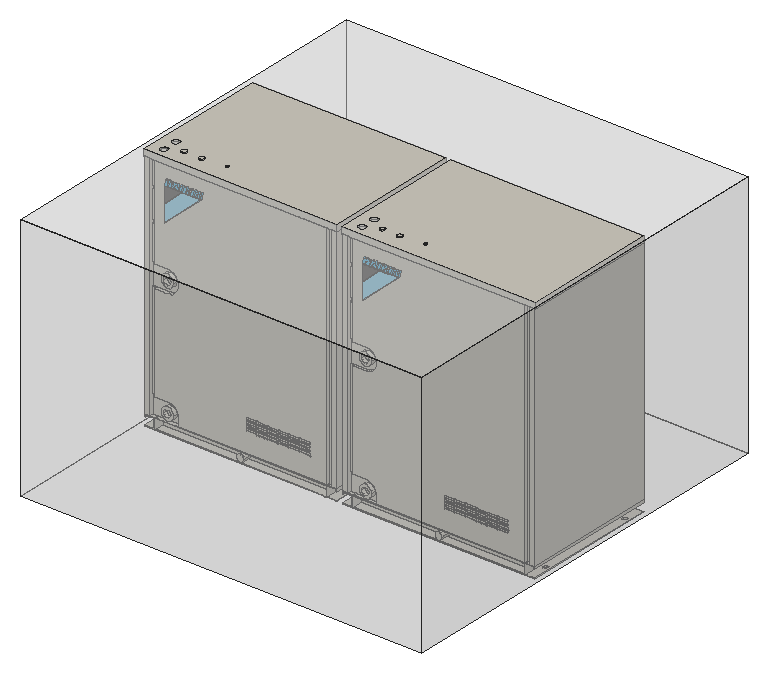
Revit family "outputfile", category 機械設備, Revit 2024
Family settings
  丸型コネクタ寸法 = 半径を使用
  種別 = なし
  パーツ タイプ = 標準
  OmniClass 番号 = 23.75.10.24.21.27.27
  OmniClass タイトル = Split System Air Conditioning Units
  作業面ベース = いいえ
  常に垂直 = はい
  ロード時にボイドで切り取り = いいえ
  注釈の向きを維持 = いいえ
  共有 = いいえ
  部屋計算ポイント = いいえ
Parameters (values of type "RWEYQ14TYM")
  製造元 = "Daikin"
  書き出し IFC クラス(タイプ) = "IfcUnitaryEquipmentType"
  定義済み IFC タイプ(タイプ) = "AIRCONDITIONINGUNIT"
  モデル = "RWEYQ14TYM"
  w_unit2 = 780.0 mm
  w_unit1 = 780.0 mm
  switch_unit2_6-8 [instance] = if(Reverse_ModuleSequence, if(default_unit1 = 1, 1 = 1, 1 = 0), if(default_unit2 = 1, 1 = 1, 1 = 0))  # yes
  switch_unit2_12 [instance] = if(Reverse_ModuleSequence, if(default_unit1 = 3, 1 = 1, 1 = 0), if(default_unit2 = 3, 1 = 1, 1 = 0))  # no
  switch_unit2_10 [instance] = if(Reverse_ModuleSequence, if(default_unit1 = 2, 1 = 1, 1 = 0), if(default_unit2 = 2, 1 = 1, 1 = 0))  # no
  switch_unit1_6-8 [instance] = if(Reverse_ModuleSequence, if(default_unit2 = 1, 1 = 1, 1 = 0), if(default_unit1 = 1, 1 = 1, 1 = 0))  # yes
  switch_unit1_12 [instance] = if(Reverse_ModuleSequence, if(default_unit2 = 3, 1 = 1, 1 = 0), if(default_unit1 = 3, 1 = 1, 1 = 0))  # no
  switch_unit1_10 [instance] = if(Reverse_ModuleSequence, if(default_unit2 = 2, 1 = 1, 1 = 0), if(default_unit1 = 2, 1 = 1, 1 = 0))  # no
  r_Water Outlet Pipe Connection_unit2 [instance] = Water Outlet Pipe Connection_Unit2 / 2  # 15.9 mm
  r_Water Outlet Pipe Connection_unit1 [instance] = Water Outlet Pipe Connection_Unit1 / 2  # 15.9 mm
  r_Water Inlet Pipe Connection_unit2 [instance] = Water Inlet Pipe Connection_Unit2 / 2  # 15.9 mm
  r_Water Inlet Pipe Connection_unit1 [instance] = Water Inlet Pipe Connection_Unit1 / 2  # 15.9 mm
  r_Liquid Pipe Size_unit2 [instance] = Liquid Pipe Size_Unit 2 / 2  # 4.75 mm
  r_HP/LP Gas Pipe Size_unit2 [instance] = [HP/LP Gas Pipe Size_Unit 2] / 2  # 9.55 mm
  r_HP/LP Gas Pipe Size_unit1 [instance] = [HP/LP Gas Pipe Size_Unit 1] / 2  # 9.55 mm
  r_Gas Pipe Size_unit2 [instance] = Gas Pipe Size_Unit 2 / 2  # 9.55 mm
  r_Drain Pipe Size = Drain Pipe Size / 2  # 6.35 mm
  lw_powersupply2 = 51.0 mm
  lw_liquidpipe2 = 274.0 mm
  lw_gaspipe2 [instance] = if(Heat Pump, 107.0 mm, 178.0 mm)  # 107.0 mm
  lw_Water Outlet2 = 95.0 mm
  lw_Water Outlet1 = 95.0 mm
  lw_Water Inlet2 = 95.0 mm
  lw_Water Inlet1 = 95.0 mm
  lw_HP/LP Gas Pipe2 [instance] = if(Heat Pump, 178.0 mm, 107.0 mm)  # 178.0 mm
  lw_HP/LP Gas Pipe1 [instance] = if(Heat Pump, 178.0 mm, 107.0 mm)  # 178.0 mm
  lw_Drain2 = 390.0 mm
  lw_Drain1 = 390.0 mm
  ld_HP/LP Gas Pipe = 69.0 mm
  h_mountinghole = [h_***] + 2.3 mm  # 2.3 mm
  r_Liquid Pipe Size_unit1 [instance] = Liquid Pipe Size_Unit 1 / 2  # 4.75 mm
  r_Gas Pipe Size_unit1 [instance] = Gas Pipe Size_Unit 1 / 2  # 9.55 mm
  distance_unit1-2 [instance] = 20.0 mm
  default_unit2 = 1
  default_unit1 = 1
  default_Water Outlet Pipe Connection_Unit 2 = 31.8 mm
  default_Water Outlet Pipe Connection_Unit 1 = 31.8 mm
  default_Water Inlet Pipe Connection_Unit 2 = 31.8 mm
  default_Water Inlet Pipe Connection_Unit 1 = 31.8 mm
  default_Model_Unit 2 = "RWEYQ6TYM"
  default_Model_Unit 1 = "RWEYQ8TYM"
  default_Liquid Pipe Size_Unit 2 = 9.5 mm
  default_Liquid Pipe Size_Unit 1 = 9.5 mm
  default_HP/LP Gas Pipe Size_Unit 2 [instance] = if(and(Heat Pump, [switch_unit2_6-8]), 19.1 mm, if(and(Heat Pump, switch_unit2_10), 22.2 mm, if(and(Heat Pump, switch_unit2_12), 22.2 mm, if(and(Heat Recovery, [switch_unit2_6-8]), 15.9 mm, if(and(Heat Recovery, switch_unit2_10), 19.1 mm, if(and(Heat Recovery, switch_unit2_12), 19.1 mm, 19.1 mm))))))  # 19.1 mm
  default_HP/LP Gas Pipe Size_Unit 1 [instance] = if(and(Heat Pump, [switch_unit1_6-8]), 19.1 mm, if(and(Heat Pump, switch_unit1_10), 22.2 mm, if(and(Heat Pump, switch_unit1_12), 22.2 mm, if(and(Heat Recovery, [switch_unit1_6-8]), 15.9 mm, if(and(Heat Recovery, switch_unit1_10), 19.1 mm, if(and(Heat Recovery, switch_unit1_12), 19.1 mm, 19.1 mm))))))  # 19.1 mm
  default_Gas Pipe Size_Unit 2 = 19.1 mm
  default_Gas Pipe Size_Unit 1 = 19.1 mm
  angle_Drain [instance] = if(Rear Connection_Drain, 180.00°, 0.00°)  # 0.00°
  Water Outlet Pipe Connection_Unit2 [instance] = if(Reverse_ModuleSequence, default_Water Inlet Pipe Connection_Unit 1, default_Water Inlet Pipe Connection_Unit 2)  # 31.8 mm
  Water Outlet Pipe Connection_Unit1 [instance] = if(Reverse_ModuleSequence, default_Water Outlet Pipe Connection_Unit 2, default_Water Outlet Pipe Connection_Unit 1)  # 31.8 mm
  Water Inlet Pipe Connection_Unit2 [instance] = if(Reverse_ModuleSequence, default_Water Outlet Pipe Connection_Unit 1, default_Water Outlet Pipe Connection_Unit 2)  # 31.8 mm
  Water Inlet Pipe Connection_Unit1 [instance] = if(Reverse_ModuleSequence, default_Water Inlet Pipe Connection_Unit 2, default_Water Inlet Pipe Connection_Unit 1)  # 31.8 mm
  Voltage_comment_60Hz = "380"
  Voltage_comment_50Hz = "380-415"
  Voltage_60Hz = 380 V
  Voltage_50Hz = 400 V
  Top Connection_powersupply2 [instance] = not(Top Connection_powersupply1)  # no
  Sound Power Level (dB) = 71
  Reverse_ModuleSequence [instance] = no
  Rear Connection_Drain [instance] = not(Front Connection_Drain)  # no
  Power Input (Heating) = 6.670 kW
  Phase_60Hz = 3
  Phase_50Hz = 3
  Nominal Heating Capacity = 43.000 kW
  Model_Unit 2 [instance] = if(Reverse_ModuleSequence, default_Model_Unit 1, default_Model_Unit 2)  # "RWEYQ6TYM"
  Model_Unit 1 [instance] = if(Reverse_ModuleSequence, default_Model_Unit 2, default_Model_Unit 1)  # "RWEYQ8TYM"
  Minimum Circuit Amps_60Hz = 27.3 A
  Minimum Circuit Amps_50Hz = 27.3 A
  Maximum Fuse Amps_60Hz = 35.0 A
  Maximum Fuse Amps_50Hz = 35.0 A
  Material_Heat Exchanger = DAIKIN_Blue_HE_outdoorunit
  Material_Casing = DAIKIN_IvoryWhite_Casing_outdoorunit
  lw_powersupply1 = 51.0 mm
  lw_liquidpipe1 = 274.0 mm
  lw_gaspipe1 [instance] = if(Heat Pump, 107.0 mm, 178.0 mm)  # 107.0 mm
  lh_powersupply = 940.0 mm
  ld_powersupply [instance] = if(Top Connection_powersupply1, 38.0 mm, 98.0 mm)  # 38.0 mm
  ld_liquidpipe = 79.0 mm
  ld_gaspipe = 69.0 mm
  h_*** = 0.0 mm
  Width [instance] = [distance_unit1-2] + w_unit1 + w_unit2  # 1580.0 mm
  Version = "ver.1.0"
  Unit Type = ""
  Unit Mass Weight = 292.00 kg
  Unit Designation [instance] = ""
  Uniclass2015Version = "Products v1.30"
  Uniclass2015Title = "Variable refrigerant flow units"
  Uniclass2015Code = "Pr_70_65_03_94"
  Total Cooling Capacity [instance] = 0.000 kW
  Sound Pressure Level (dBA) = 53
  Series = "VRV Heat Recovery"
  Refrigerant_Base Charge = 7.000 kg
  Refrigerant_Additional Charge [instance] = 0.000 kg
  Refrigerant Type = "R410A"
  Power Input (Cooling) = 6.440 kW
  Option Accessory 3 [instance] = ""
  Option Accessory 2 [instance] = ""
  Option Accessory 1 [instance] = ""
  Nominal Cooling Capacity = 38.400 kW
  Load Classification = HVAC
  Liquid Pipe Size_Unit 2 [instance] = if(Reverse_ModuleSequence, default_Liquid Pipe Size_Unit 1, default_Liquid Pipe Size_Unit 2)  # 9.5 mm
  Liquid Pipe Size_Unit 1 [instance] = if(Reverse_ModuleSequence, default_Liquid Pipe Size_Unit 2, default_Liquid Pipe Size_Unit 1)  # 9.5 mm
  Link_Nested Family [instance] = ""
  IfcVersion = ""
  IfcExportType = "AIRCONDITIONINGUNIT"
  IfcExportAs = "IfcUnitaryEquipmentType"
  Height = 1000.0 mm
  Heat Recovery [instance] = not(Heat Pump)  # no
  Heat Pump [instance] = yes
  Heat Exchanger Type = "Stainless Steel Plate"
  HP/LP Gas Pipe Size_Unit 2 [instance] = [default_HP/LP Gas Pipe Size_Unit 2]  # 19.1 mm
  HP/LP Gas Pipe Size_Unit 1 [instance] = [default_HP/LP Gas Pipe Size_Unit 1]  # 19.1 mm
  Gas Pipe Size_Unit 2 [instance] = if(Reverse_ModuleSequence, default_Gas Pipe Size_Unit 1, default_Gas Pipe Size_Unit 2)  # 19.1 mm
  Gas Pipe Size_Unit 1 [instance] = if(Reverse_ModuleSequence, default_Gas Pipe Size_Unit 2, default_Gas Pipe Size_Unit 1)  # 19.1 mm
  Top Connection_powersupply1 [instance] = yes
  Front Connection_Drain [instance] = yes
  Frequency_60Hz = 60 Hz
  Frequency_50Hz = 50 Hz
  Drain Pipe Size = 12.7 mm
  Depth = 550.0 mm
  既定の高さ = 0.0 mm
  Cooling Ambient Wet Bulb Temperature [instance] = 0.00 °C
  Cooling Ambient Dry Bulb Temperature [instance] = 0.00 °C
  Compressor Type = "Hermetically Sealed Scroll Type"
  Clearance visibility [instance] = yes
  Clearance Top = 0.0 mm
  Clearance Right = 20.0 mm
  Clearance Rear = 500.0 mm
  Clearance Left = 20.0 mm
  Clearance Front = 600.0 mm
  Clearance Bottom = 0.0 mm
  CU Tag No. [instance] = ""
Reference planes
  plane 1 "Center (Front/Back)": y = 0
  plane 2 "h_***": z = 0
  plane 3 "Center (Left/Right)": x = 0
  plane 4 "Back": y = 275
  plane 5 "Front": y = -275
  plane 6 "Left": x = -390
  plane 7 "w_unit1": x = 390
  plane 8 "Top": z = 1000
  plane 9 "Clearance Rear": y = 775
  plane 10 "Clearance Front": y = -875
  plane 11 "Clearance Left": x = -410
  plane 12 "Clearance Right": x = 1210
  plane 13 "Clearance Top": z = 1000
  plane 14 "Clearance Bottom": z = 0
  plane 15 "Bottom": z = 0
  plane 16 "lw_powersupply1": x = -339
  plane 17 "ld_powersupply": y = -237
  plane 18 "lw_liquidpipe1": x = -116
  plane 19 "Rear Connection_refrigetant": y = -196
  plane 20 "lw_gaspipe1": x = -283
  plane 21 "ld_gaspipe": y = -206
  plane 22 "lh_logo": z = 900
  plane 23 "lw_logo": x = 100
  plane 24 "lh_powersupply": z = 940
  plane 25 "lw_HP/LP Gas Pipe1": x = -212
  plane 26 "ld_HP/LP Gas Pipe": y = -206
  plane 27 "l_unit2": x = 410
  plane 28 "Right": x = 1190
  plane 29 "lw_powersupply2": x = 461
  plane 30 "lw_liquidpipe2": x = 684
  plane 31 "lw_gaspipe2": x = 517
  plane 32 "lw_HP/LP Gas Pipe2": x = 588
  plane 33 "lw_Water Inlet1": x = -295
  plane 34 "lw_Water Outlet1": x = -295
  plane 35 "lw_Drain1": x = 0
  plane 36 "lw_Water Inlet2": x = 505
  plane 37 "lw_Water Outlet2": x = 505
  plane 38 "lw_Drain2": x = 800
Dimensions and locks
  equal spacing: plane 4 "Back", plane 1 "Center (Front/Back)", plane 5 "Front"
  "Depth": plane 4 "Back" to plane 5 "Front"
  equal spacing: plane 6 "Left", plane 3 "Center (Left/Right)", plane 7 "w_unit1"
  "w_unit1": plane 6 "Left" to plane 7 "w_unit1"
  "Clearance Rear": plane 9 "Clearance Rear" to plane 4 "Back"
  "Clearance Front": plane 10 "Clearance Front" to plane 5 "Front"
  "Clearance Left": plane 11 "Clearance Left" to plane 6 "Left"
  "Clearance Top": plane 13 "Clearance Top" to plane 8 "Top"
  "h_***": plane 15 "Bottom" to plane 2 "h_***"
  "Height": plane 8 "Top" to plane 15 "Bottom"
  "Clearance Bottom": plane 15 "Bottom" to plane 14 "Clearance Bottom"
  "ld_powersupply": plane 17 "ld_powersupply" to plane 5 "Front"
  "ld_liquidpipe": plane 19 "Rear Connection_refrigetant" to plane 5 "Front"
  "ld_gaspipe": plane 21 "ld_gaspipe" to plane 5 "Front"
  locked: plane 23 "lw_logo" to plane 7 "w_unit1" at 290
  locked: plane 22 "lh_logo" to plane 15 "Bottom" at 900
  "lw_gaspipe1": plane 6 "Left" to plane 20 "lw_gaspipe1"
  "lw_liquidpipe1": plane 6 "Left" to plane 18 "lw_liquidpipe1"
  "lw_powersupply1": plane 6 "Left" to plane 16 "lw_powersupply1"
  "lh_powersupply": plane 24 "lh_powersupply" to plane 15 "Bottom"
  "lw_HP/LP Gas Pipe1": plane 6 "Left" to plane 25 "lw_HP/LP Gas Pipe1"
  "ld_HP/LP Gas Pipe": plane 26 "ld_HP/LP Gas Pipe" to plane 5 "Front"
  "distance_unit1-2": plane 7 "w_unit1" to plane 27 "l_unit2"
  "Clearance Right": plane 28 "Right" to plane 12 "Clearance Right"
  "Width": plane 6 "Left" to plane 28 "Right"
  "lw_powersupply2": plane 27 "l_unit2" to plane 29 "lw_powersupply2"
  "lw_HP/LP Gas Pipe2": plane 27 "l_unit2" to plane 32 "lw_HP/LP Gas Pipe2"
  "lw_gaspipe2": plane 27 "l_unit2" to plane 31 "lw_gaspipe2"
  "lw_liquidpipe2": plane 27 "l_unit2" to plane 30 "lw_liquidpipe2"
  "lw_Water Inlet1": plane 6 "Left" to plane 33 "lw_Water Inlet1"
  "lw_Water Outlet1": plane 6 "Left" to plane 34 "lw_Water Outlet1"
  "lw_Drain1": plane 6 "Left" to plane 35 "lw_Drain1"
  "lw_Water Inlet2": plane 27 "l_unit2" to plane 36 "lw_Water Inlet2"
  "lw_Water Outlet2": plane 27 "l_unit2" to plane 37 "lw_Water Outlet2"
  "lw_Drain2": plane 27 "l_unit2" to plane 38 "lw_Drain2"
  aligned and locked: level to plane 2 "h_***"
  aligned and locked: plane 9 "Clearance Rear" to nested 2
  aligned and locked: nested 2 to plane 10 "Clearance Front"
  aligned and locked: plane 11 "Clearance Left" to nested 2
  aligned and locked: plane 12 "Clearance Right" to nested 2
  aligned and locked: plane 13 "Clearance Top" to nested 2
  aligned and locked: plane 14 "Clearance Bottom" to nested 2
  aligned and locked: plane 8 "Top" to nested 1
  aligned and locked: plane 22 "lh_logo" to nested 7
  aligned and locked: nested 8 to plane 16 "lw_powersupply1"
  aligned and locked: nested 9 to plane 20 "lw_gaspipe1"
  aligned and locked: nested 10 to plane 18 "lw_liquidpipe1"
  aligned and locked: nested 10 to plane 19 "Rear Connection_refrigetant"
  aligned and locked: nested 9 to plane 21 "ld_gaspipe"
  aligned and locked: nested 8 to plane 17 "ld_powersupply"
  aligned and locked: plane 5 "Front" to nested 7
  aligned and locked: plane 24 "lh_powersupply" to nested 8
  aligned and locked: plane 27 "l_unit2" to nested 11
  aligned and locked: nested 17 to plane 29 "lw_powersupply2"
  aligned and locked: nested 17 to plane 17 "ld_powersupply"
  aligned and locked: nested 18 to plane 31 "lw_gaspipe2"
  aligned and locked: nested 18 to plane 26 "ld_HP/LP Gas Pipe"
  aligned and locked: plane 1 "Center (Front/Back)" to nested 20
  aligned and locked: plane 33 "lw_Water Inlet1" to nested 20
  aligned and locked: plane 1 "Center (Front/Back)" to nested 21
  aligned and locked: plane 34 "lw_Water Outlet1" to nested 21
  aligned and locked: plane 1 "Center (Front/Back)" to nested 22
  aligned and locked: plane 35 "lw_Drain1" to nested 22
  aligned and locked: plane 1 "Center (Front/Back)" to nested 23
  aligned and locked: plane 36 "lw_Water Inlet2" to nested 23
  aligned and locked: plane 1 "Center (Front/Back)" to nested 24
  aligned and locked: plane 37 "lw_Water Outlet2" to nested 24
  aligned and locked: plane 1 "Center (Front/Back)" to nested 25
  aligned and locked: plane 38 "lw_Drain2" to nested 25
  aligned and locked: plane 25 "lw_HP/LP Gas Pipe1" to nested 26
  aligned and locked: plane 32 "lw_HP/LP Gas Pipe2" to nested 27
  aligned and locked: nested 26 to plane 26 "ld_HP/LP Gas Pipe"
  aligned and locked: nested 27 to plane 26 "ld_HP/LP Gas Pipe"
Nested families
  nested 1: "DAIKIN_outdoorunit_RWEYQ-TYM" at (-31, 0, 0), h_*** <- "h_***", Link_Nest <- "Link_Nested Family", h_mountinghole <- "h_mountinghole", Width <- "w_unit1", switch_unit1_6-8 <- "switch_unit1_6-8", switch_unit1_10 <- "switch_unit1_10", switch_unit1_12 <- "switch_unit1_12", type "RWEYQ-TYM"
    with switch_unit1_6-8 yes, switch_unit1_12 no, switch_unit1_10 no, show_fixedhole yes, h_mountinghole 2.3 mm, h_antenna_mountinghole 998.7 mm, h_*** 0.0 mm, array_bolt 5, Width 780.0 mm, Liquid Pipe Size_Unit 1 9.5 mm, Link_Nest "", HP/LP Pipe Size_Unit 1 19.1 mm, Gas Pipe Size_Unit 1 19.1 mm
  nested 2: "daikin_clearancespace" at (400, -50, 500.119), visible <- "Clearance visibility", show <- "Clearance visibility", Link_Nested Family <- "Link_Nested Family", type "daikin_clearancespace"
    with width 1620.0 mm, show yes, height 1000.0 mm, depth 1650.0 mm, Link_Nested Family ""
  nested 3: "daikin_mountinghole" at (-372, 200, 0), type "daikin_mountinghole"
    with show yes, l_antenna 998.7 mm, h_mountinghole 2.3 mm, Link_Nested Family ""
  nested 4: "daikin_mountinghole" at (372, 200, 0), type "daikin_mountinghole"
    with show yes, l_antenna 998.7 mm, h_mountinghole 2.3 mm, Link_Nested Family ""
  nested 5: "daikin_mountinghole" at (-372, -200, 0), type "daikin_mountinghole"
    with show yes, l_antenna 998.7 mm, h_mountinghole 2.3 mm, Link_Nested Family ""
  nested 6: "daikin_mountinghole" at (372, -200, 0), type "daikin_mountinghole"
    with show yes, l_antenna 998.7 mm, h_mountinghole 2.3 mm, Link_Nested Family ""
  nested 7: "daikin_logo_elevation_w150" at (-212.5, -275, 744.568), type "daikin_logo_elevation_w150"
    with show_logo yes
  nested 8: "daikin_connector_rotate3" at (-339, -237, 940) x (-1, 0, 0) z (0, 0, -1), type "daikin_connector_rotate3"
    with show no, radius 10.0 mm, length 60.0 mm, angle_vertical 0.00°, angle_horizontal 0.00°
  nested 9: "daikin_connector_rotate3" at (-283, -206, 940) x (-1, 0, 0) z (0, 0, -1), radius <- "r_Gas Pipe Size_unit1", type "daikin_connector_rotate3"
    with show no, radius 9.55 mm, length 60.0 mm, angle_vertical 0.00°, angle_horizontal 0.00°
  nested 10: "daikin_connector_rotate3" at (-116, -196, 940) x (-1, 0, 0) z (0, 0, -1), radius <- "r_Liquid Pipe Size_unit1", type "daikin_connector_rotate3"
    with show no, radius 4.75 mm, length 60.0 mm, angle_vertical 0.00°, angle_horizontal 0.00°
  nested 11: "DAIKIN_outdoorunit_RWEYQ-TYM" at (769, 0, 0), Width <- "w_unit2", switch_unit1_6-8 <- "switch_unit2_6-8", switch_unit1_10 <- "switch_unit2_10", switch_unit1_12 <- "switch_unit2_12", type "RWEYQ-TYM"
    with switch_unit1_6-8 yes, switch_unit1_12 no, switch_unit1_10 no, show_fixedhole yes, h_mountinghole 2.3 mm, h_antenna_mountinghole 998.7 mm, h_*** 0.0 mm, array_bolt 5, Width 780.0 mm, Liquid Pipe Size_Unit 1 9.5 mm, Link_Nest "", HP/LP Pipe Size_Unit 1 19.1 mm, Gas Pipe Size_Unit 1 19.1 mm
  nested 12: "daikin_mountinghole" at (428, 200, 0), type "daikin_mountinghole"
    with show yes, l_antenna 998.7 mm, h_mountinghole 2.3 mm, Link_Nested Family ""
  nested 13: "daikin_mountinghole" at (1172, 200, 0), type "daikin_mountinghole"
    with show yes, l_antenna 998.7 mm, h_mountinghole 2.3 mm, Link_Nested Family ""
  nested 14: "daikin_mountinghole" at (428, -200, 0), type "daikin_mountinghole"
    with show yes, l_antenna 998.7 mm, h_mountinghole 2.3 mm, Link_Nested Family ""
  nested 15: "daikin_mountinghole" at (1172, -200, 0), type "daikin_mountinghole"
    with show yes, l_antenna 998.7 mm, h_mountinghole 2.3 mm, Link_Nested Family ""
  nested 16: "daikin_connector_rotate3" at (684, -196, 940) x (-1, 0, 0) z (0, 0, -1), radius <- "r_Liquid Pipe Size_unit2", type "daikin_connector_rotate3"
    with show no, radius 4.75 mm, length 60.0 mm, angle_vertical 0.00°, angle_horizontal 0.00°
  nested 17: "daikin_connector_rotate3" at (461, -237, 940) x (-1, 0, 0) z (0, 0, -1), type "daikin_connector_rotate3"
    with show no, radius 10.0 mm, length 60.0 mm, angle_vertical 0.00°, angle_horizontal 0.00°
  nested 18: "daikin_connector_rotate3" at (517, -206, 940) x (-1, 0, 0) z (0, 0, -1), radius <- "r_Gas Pipe Size_unit2", type "daikin_connector_rotate3"
    with show no, radius 9.55 mm, length 60.0 mm, angle_vertical 0.00°, angle_horizontal 0.00°
  nested 19: "daikin_logo_elevation_w150" at (587.5, -275, 744.568), type "daikin_logo_elevation_w150"
    with show_logo yes
  nested 20: "daikin_connector_rotate3" at (-295, 0, 76), radius <- "r_Water Inlet Pipe Connection_unit1", type "daikin_connector_rotate3"
    with show no, radius 15.9 mm, length 275.0 mm, angle_vertical 90.00°, angle_horizontal 0.00°
  nested 21: "daikin_connector_rotate3" at (-295, 0, 556), radius <- "r_Water Outlet Pipe Connection_unit1", type "daikin_connector_rotate3"
    with show no, radius 15.9 mm, length 275.0 mm, angle_vertical 90.00°, angle_horizontal 0.00°
  nested 22: "daikin_connector_rotate3" at (0, 0, 19), angle_horizontal <- "angle_Drain", radius <- "r_Drain Pipe Size", type "daikin_connector_rotate3"
    with show no, radius 6.35 mm, length 275.0 mm, angle_vertical 90.00°, angle_horizontal 0.00°
  nested 23: "daikin_connector_rotate3" at (505, 0, 76), radius <- "r_Water Inlet Pipe Connection_unit2", type "daikin_connector_rotate3"
    with show no, radius 15.9 mm, length 275.0 mm, angle_vertical 90.00°, angle_horizontal 0.00°
  nested 24: "daikin_connector_rotate3" at (505, 0, 556), radius <- "r_Water Outlet Pipe Connection_unit2", type "daikin_connector_rotate3"
    with show no, radius 15.9 mm, length 275.0 mm, angle_vertical 90.00°, angle_horizontal 0.00°
  nested 25: "daikin_connector_rotate3" at (800, 0, 19), angle_horizontal <- "angle_Drain", radius <- "r_Drain Pipe Size", type "daikin_connector_rotate3"
    with show no, radius 6.35 mm, length 275.0 mm, angle_vertical 90.00°, angle_horizontal 0.00°
  nested 26: "daikin_connector_rotate3" at (-212, -206, 940) x (1, 0, 0) z (0, 0, -1), radius <- "r_HP/LP Gas Pipe Size_unit1", type "daikin_connector_rotate3"
    with show no, radius 9.55 mm, length 60.0 mm, angle_vertical 0.00°, angle_horizontal 0.00°
  nested 27: "daikin_connector_rotate3" at (588, -206, 940) x (1, 0, 0) z (0, 0, -1), radius <- "r_HP/LP Gas Pipe Size_unit2", type "daikin_connector_rotate3"
    with show no, radius 9.55 mm, length 60.0 mm, angle_vertical 0.00°, angle_horizontal 0.00°
Connectors
  piping at (-116, -196, 1000), diameter 9.5, driven by "r_Liquid Pipe Size_unit1"
    settings: on nested 10, index 12, connector inside diameter 609.6 mm, connector length 0.0 mm, flow factor 0, pipe flow 0.00 m³/h, pressure drop 0.0 Pa, fitting loss kfactor 0, connector angle 0.00°, fixture units 0, engagement length 0.0 mm, angle of deflection 0.00°, flow configuration 0, flow direction 2, fitting loss method 0, system type 29, joint type 0, gender type 0, connector reference index -1, connector utility 0, adjustable connector no, is connector primary no, connector description "Refrigerant Liquid Piping1"
  electrical at (-339, -237, 1000), driven by "Load Classification"
    settings: on nested 8, index 13, voltage 0 V, apparent load 0 VA, apparent load phase1 0 VA, apparent load phase2 0 VA, apparent load phase3 0 VA, power factor 1, load classification "HVAC", number of poles 1, system type 30, power factor state 1, is connector primary yes, connector utility no, sub classification motor no, connector description "Power Supply1"
  piping at (684, -196, 1000), diameter 9.5, driven by "r_Liquid Pipe Size_unit2"
    settings: on nested 16, index 15, connector inside diameter 609.6 mm, connector length 0.0 mm, flow factor 0, pipe flow 0.00 m³/h, pressure drop 0.0 Pa, fitting loss kfactor 0, connector angle 0.00°, fixture units 0, engagement length 0.0 mm, angle of deflection 0.00°, flow configuration 0, flow direction 2, fitting loss method 0, system type 29, joint type 0, gender type 0, connector reference index -1, connector utility 0, adjustable connector no, is connector primary no, connector description "Refrigerant Liquid Piping2"
  electrical at (461, -237, 1000), driven by "Load Classification"
    settings: on nested 17, index 17, voltage 0 V, apparent load 0 VA, apparent load phase1 0 VA, apparent load phase2 0 VA, apparent load phase3 0 VA, power factor 1, load classification "HVAC", number of poles 1, system type 30, power factor state 1, is connector primary no, connector utility no, sub classification motor no, connector description "Power Supply2"
  piping at (-295, -275, 556), diameter 31.8, driven by "r_Water Outlet Pipe Connection_unit1"
    settings: on nested 21, index 19, connector inside diameter 609.6 mm, connector length 0.0 mm, flow factor 0, pipe flow 0.00 m³/h, pressure drop 0.0 Pa, fitting loss kfactor 0, connector angle 0.00°, fixture units 0, engagement length 0.0 mm, angle of deflection 0.00°, flow configuration 1, flow direction 2, fitting loss method 0, system type 8, joint type 0, gender type 0, connector reference index -1, connector utility 0, adjustable connector no, is connector primary no, connector description "Cooling Water Outlet Piping 1"
  piping at (-295, -275, 76), diameter 31.8, driven by "r_Water Inlet Pipe Connection_unit1"
    settings: on nested 20, index 20, connector inside diameter 609.6 mm, connector length 0.0 mm, flow factor 0, pipe flow 0.00 m³/h, pressure drop 0.0 Pa, fitting loss kfactor 0, connector angle 0.00°, fixture units 0, engagement length 0.0 mm, angle of deflection 0.00°, flow configuration 1, flow direction 1, fitting loss method 0, system type 7, joint type 0, gender type 0, connector reference index -1, connector utility 0, adjustable connector no, is connector primary no, connector description "Cooling Water Inlet  Piping 1"
  piping at (0, -275, 19), diameter 12.7, driven by "r_Drain Pipe Size"
    settings: on nested 22, index 21, connector inside diameter 609.6 mm, connector length 0.0 mm, flow factor 0, pipe flow 0.00 m³/h, pressure drop 0.0 Pa, fitting loss kfactor 0, connector angle 0.00°, fixture units 0, engagement length 0.0 mm, angle of deflection 0.00°, flow configuration 1, flow direction 2, fitting loss method 4, system type 16, joint type 0, gender type 0, connector reference index -1, connector utility 0, adjustable connector no, is connector primary no, connector description "Condensate Drain Piping 1"
  piping at (505, -275, 556), diameter 31.8, driven by "r_Water Outlet Pipe Connection_unit2"
    settings: on nested 24, index 22, connector inside diameter 609.6 mm, connector length 0.0 mm, flow factor 0, pipe flow 0.00 m³/h, pressure drop 0.0 Pa, fitting loss kfactor 0, connector angle 0.00°, fixture units 0, engagement length 0.0 mm, angle of deflection 0.00°, flow configuration 1, flow direction 2, fitting loss method 0, system type 8, joint type 0, gender type 0, connector reference index -1, connector utility 0, adjustable connector no, is connector primary no, connector description "Cooling Water Outlet Piping 2"
  piping at (505, -275, 76), diameter 31.8, driven by "r_Water Inlet Pipe Connection_unit2"
    settings: on nested 23, index 23, connector inside diameter 609.6 mm, connector length 0.0 mm, flow factor 0, pipe flow 0.00 m³/h, pressure drop 0.0 Pa, fitting loss kfactor 0, connector angle 0.00°, fixture units 0, engagement length 0.0 mm, angle of deflection 0.00°, flow configuration 1, flow direction 1, fitting loss method 0, system type 7, joint type 0, gender type 0, connector reference index -1, connector utility 0, adjustable connector no, is connector primary no, connector description "Cooling Water Inlet  Piping 2"
  piping at (800, -275, 19), diameter 12.7, driven by "r_Drain Pipe Size"
    settings: on nested 25, index 24, connector inside diameter 609.6 mm, connector length 0.0 mm, flow factor 0, pipe flow 0.00 m³/h, pressure drop 0.0 Pa, fitting loss kfactor 0, connector angle 0.00°, fixture units 0, engagement length 0.0 mm, angle of deflection 0.00°, flow configuration 1, flow direction 2, fitting loss method 4, system type 16, joint type 0, gender type 0, connector reference index -1, connector utility 0, adjustable connector no, is connector primary no, connector description "Condensate Drain Piping 2"
  piping at (-212, -206, 1000), diameter 19.1, driven by "r_HP/LP Gas Pipe Size_unit1"
    settings: on nested 26, index 27, connector inside diameter 609.6 mm, connector length 0.0 mm, flow factor 0, pipe flow 0.00 m³/h, pressure drop 0.0 Pa, fitting loss kfactor 0, connector angle 0.00°, fixture units 0, engagement length 0.0 mm, angle of deflection 0.00°, flow configuration 0, flow direction 0, fitting loss method 0, system type 29, joint type 0, gender type 0, connector reference index -1, connector utility 0, adjustable connector no, is connector primary no, connector description "Refrigerant HP/LP Gas Piping1"
  piping at (588, -206, 1000), diameter 19.1, driven by "r_HP/LP Gas Pipe Size_unit2"
    settings: on nested 27, index 28, connector inside diameter 609.6 mm, connector length 0.0 mm, flow factor 0, pipe flow 0.00 m³/h, pressure drop 0.0 Pa, fitting loss kfactor 0, connector angle 0.00°, fixture units 0, engagement length 0.0 mm, angle of deflection 0.00°, flow configuration 0, flow direction 0, fitting loss method 0, system type 29, joint type 0, gender type 0, connector reference index -1, connector utility 0, adjustable connector no, is connector primary no, connector description "Refrigerant HP/LP Gas Piping2"
  piping at (-283, -206, 1000), diameter 19.1, driven by "r_Gas Pipe Size_unit1"
    settings: on nested 9, index 29, connector inside diameter 609.6 mm, connector length 0.0 mm, flow factor 0, pipe flow 0.00 m³/h, pressure drop 0.0 Pa, fitting loss kfactor 0, connector angle 0.00°, fixture units 0, engagement length 0.0 mm, angle of deflection 0.00°, flow configuration 0, flow direction 1, fitting loss method 0, system type 29, joint type 0, gender type 0, connector reference index -1, connector utility 0, adjustable connector no, is connector primary yes, connector description "Refrigerant Gas Piping1"
  piping at (517, -206, 1000), diameter 19.1, driven by "r_Gas Pipe Size_unit2"
    settings: on nested 18, index 30, connector inside diameter 609.6 mm, connector length 0.0 mm, flow factor 0, pipe flow 0.00 m³/h, pressure drop 0.0 Pa, fitting loss kfactor 0, connector angle 0.00°, fixture units 0, engagement length 0.0 mm, angle of deflection 0.00°, flow configuration 0, flow direction 1, fitting loss method 0, system type 29, joint type 0, gender type 0, connector reference index -1, connector utility 0, adjustable connector no, is connector primary no, connector description "Refrigerant Gas Piping2"
Definition of nested family "DAIKIN_outdoorunit_RWEYQ-TYM"
  Parameters (values of type "RWEYQ-TYM")
    w_wiremesh_right = 668.0 mm  # constant formula
    w_wiremesh_left = 590.0 mm  # constant formula
    w_wiremesh_front = 248.0 mm  # constant formula
    switch_unit1_6-8 [instance] = no
    switch_unit1_12 [instance] = yes
    switch_unit1_10 [instance] = no
    show_fixedhole [instance] = yes
    material_heatexchanger = none
    material_casing = none
    ld_hole1_bottom = 154.0 mm  # constant formula
    h_wiremesh = 900.0 mm  # constant formula
    h_mountinghole [instance] = 2.3 mm
    h_antenna_mountinghole [instance] = Height + 1.0 mm - 2.3 mm  # 998.7 mm
    h_*** [instance] = 0.0 mm
    array_bolt [instance] = 5
    Width [instance] = 780.0 mm
    Liquid Pipe Size_Unit 1 [instance] = if([switch_unit1_6-8], 9.5 mm, if(switch_unit1_10, 9.5 mm, if(switch_unit1_12, 12.7 mm, 9.5 mm)))  # 12.7 mm
    Link_Nest [instance] = ""
    Height = 1000.0 mm
    Heat Recovery = not(Heat Pump)  # no
    Heat Pump = yes
    HP/LP Pipe Size_Unit 1_L = if(Heat Pump, 178.0 mm, 107.0 mm)  # 178.0 mm
    HP/LP Pipe Size_Unit 1 [instance] = if(Heat Recovery, if([switch_unit1_6-8], 15.9 mm, if(switch_unit1_10, 19.1 mm, if(switch_unit1_12, 19.1 mm, 15.9 mm))), if([switch_unit1_6-8], 19.1 mm, if(switch_unit1_10, 22.2 mm, if(switch_unit1_12, 22.2 mm, 19.1 mm))))  # 22.2 mm
    Gas Pipe Size_Unit 1_L = if(Heat Pump, 107.0 mm, 178.0 mm)  # 107.0 mm
    Gas Pipe Size_Unit 1_H = 60.0 mm  # constant formula
    Gas Pipe Size_Unit 1 [instance] = if([switch_unit1_6-8], 19.1 mm, if(switch_unit1_10, 22.2 mm, if(switch_unit1_12, 22.2 mm, 19.1 mm)))  # 22.2 mm
    Depth = 550.0 mm
    Default Elevation = 0.0 mm
  Reference planes
    plane 1 "Center (Front/Back)": y = 0
    plane 2 "reference_level": z = 0
    plane 3 "Center (Left/Right)": x = 31
    plane 4 "Bottom": z = 0
    plane 5: x = 421
    plane 6: x = -359
    plane 7 "Back": y = 275
    plane 8 "Front": y = -275
    plane 9: z = 1000
    plane 10: z = 976
    plane 11: y = -255
    plane 12: y = 255
    plane 13: x = -337
    plane 14: x = 399
    plane 15: x = -341
    plane 16: z = 45
    plane 17: x = 403
    plane 18: y = 200
    plane 19: y = -200
    plane 20: z = 1060
    plane 21: z = 19
    plane 22: z = 1000
    plane 23: z = 940
  Forms (mm)
    Extrusion 1, solid, material <- "material_heatexchanger"
      sketch origin (0, 0, 0) x (1, 0, 0) y (0, 1, 0)
        loop
          line (-337, 255) -> (-337, -255) -> (399, -255) -> (399, 255) -> (-337, 255)
      from 54 to 976
    Extrusion 2, void
      sketch origin (0, 350, 0) x (1, 0, 0) y (0, 1, 0)
        loop
          circle (-341, -150) r 8.5
        loop
          circle (403, -150) r 8.5
        loop
          circle (403, -550) r 8.5
        loop
          circle (-341, -550) r 8.5
      from 0 to 29.064
    Extrusion 3, solid, material <- "material_casing"
      sketch origin (620, -305, 0) x (-1, 0, 0) y (0, 0, 1)
        loop
          line (204.3, 35.061) -> (204.3, 42.7) -> (239.7, 42.7) -> (239.7, 2.3) -> (201, 2.3) -> (201, 0) -> (242, 0) -> (242, 45) -> (201, 45) -> (201, 35.061) -> (204.3, 35.061)
        loop
          line (973.7, 35.061) -> (977, 35.061) -> (977, 45) -> (936, 45) -> (936, 0) -> (977, 0) -> (977, 2.3) -> (938.3, 2.3) -> (938.3, 42.7) -> (973.7, 42.7) -> (973.7, 35.061)
      from 30 to 580
    Extrusion 4, solid, material <- "material_casing"
      sketch origin (31, 0, 0) x (0, 1, 0) y (0, 0, 1)
        loop
          line (-275, 45) -> (-275, 42.7) -> (-236.3, 42.7) -> (-236.3, 2.3) -> (-275, 2.3) -> (-275, 0) -> (-234, 0) -> (-234, 45) -> (-275, 45)
        loop
          line (275, 45) -> (234, 45) -> (234, 0) -> (275, 0) -> (275, 2.3) -> (236.3, 2.3) -> (236.3, 42.7) -> (275, 42.7) -> (275, 45)
      from -347 to 347
    Extrusion 5, solid, material <- "material_casing"
      sketch origin (0, 0, 0) x (1, 0, 0) y (0, 1, 0)
        loop
          circle (-85, -196) r 6.35
        loop
          circle (-181, -206) r 11.1
      from 940 to 1000
    Extrusion 6, solid, material <- "material_casing"
      sketch origin (-663.497, -190, 1200) x (-1, 0, 0) y (0, 0, 1)
        loop
          circle (-694.497, -1181) r 14
      from -85 to -46.3
    Extrusion 7, solid, material <- "material_casing"
      sketch origin (-663.497, 321.3, 1200) x (-1, 0, 0) y (0, 0, 1)
        loop
          circle (-694.497, -1181) r 14
      from -85 to -46.3
    Extrusion 8, solid, material <- "material_casing"
      sketch origin (0, -500, 0) x (1, 0, 0) y (0, 1, 0)
        loop
          circle (-252, 294) r 11.1
      from 940 to 1000
  Cuts and joins
    Extrusion 2 cuts Extrusion 3
  Dimensions and locks
    equal spacing: plane 6, plane 3 "Center (Left/Right)", plane 5
    "Width": plane 6 to plane 5
    locked: plane 9 to plane 10 at 24
    "Depth": plane 8 "Front" to plane 7 "Back"
    equal spacing: plane 7 "Back", plane 1 "Center (Front/Back)", plane 8 "Front"
    locked: plane 12 to plane 7 "Back" at 20
    locked: plane 11 to plane 8 "Front" at 20
    locked: plane 6 to plane 13 at 22
    locked: plane 14 to plane 5 at 22
    locked: plane 6 to plane 15 at 18
    "h_***": plane 4 "Bottom" to plane 2 "reference_level"
    locked: plane 16 to plane 4 "Bottom" at 45
    "Height": plane 9 to plane 4 "Bottom"
    locked: plane 5 to Extrusion 3 sketch curve at 2  (x2)
    locked: Extrusion 3 sketch curve to Extrusion 3 sketch curve at 41  (x2)
    locked: Extrusion 3 sketch curve to Extrusion 3 sketch curve at 3.3  (x2)
    locked: Extrusion 3 sketch curve to plane 6 at 2  (x2)
    locked: plane 8 "Front" to Extrusion 4 sketch curve at 41
    locked: Extrusion 4 sketch curve to plane 7 "Back" at 41
    locked: plane 17 to plane 5 at 18
    plane 19 to plane 8 "Front" = 75.0 mm
    locked: plane 18 to plane 7 "Back" at 75
    locked: Extrusion 5 sketch curve to plane 8 "Front" at 79
    locked: plane 6 to Extrusion 5 sketch curve at 274
    "HP/LP Pipe Size_Unit 1_L": plane 6 to Extrusion 5 sketch curve
    locked: Extrusion 5 sketch curve to plane 8 "Front" at 69
    locked: plane 20 to plane 9 at 60
    plane 21 to plane 4 "Bottom" = 19.0 mm
    "Gas Pipe Size_Unit 1_L": plane 6 to Extrusion 8 sketch curve
    locked: Extrusion 8 sketch curve to plane 8 "Front" at 69
    "Gas Pipe Size_Unit 1_H": plane 20 to plane 22
    locked: plane 22 to plane 23 at 60
    "HP/LP Pipe Size_Unit 1": diameter of Extrusion 5 sketch curve
    "Liquid Pipe Size_Unit 1": diameter of Extrusion 5 sketch curve
    "Gas Pipe Size_Unit 1": diameter of Extrusion 8 sketch curve
    aligned and locked: level to plane 2 "reference_level"
    aligned and locked: plane 12 to Extrusion 1 sketch curve
    aligned and locked: plane 11 to Extrusion 1 sketch curve
    aligned and locked: plane 13 to Extrusion 1 sketch curve
    aligned and locked: plane 14 to Extrusion 1 sketch curve
    aligned and locked: plane 10 to Extrusion 1
    aligned and locked: plane 11 to nested 1
    aligned and locked: plane 10 to nested 4
    aligned and locked: nested 5 to plane 9
    aligned and locked: plane 10 to nested 3
    aligned and locked: plane 10 to nested 2
    aligned and locked: plane 13 to nested 4
    aligned and locked: plane 14 to nested 2
    aligned and locked: plane 12 to nested 3
    aligned and locked: plane 15 to nested 7
    aligned and locked: plane 15 to nested 9
    aligned and locked: plane 8 "Front" to nested 5
    aligned and locked: plane 6 to nested 5
    aligned and locked: plane 10 to nested 1
    aligned and locked: plane 13 to nested 1
    aligned and locked: nested 2 to plane 1 "Center (Front/Back)"
    aligned and locked: nested 3 to plane 3 "Center (Left/Right)"
    aligned and locked: plane 1 "Center (Front/Back)" to nested 4
    aligned and locked: nested 6 to plane 3 "Center (Left/Right)"
    aligned and locked: plane 1 "Center (Front/Back)" to nested 6
    aligned and locked: plane 16 to Extrusion 3 sketch curve
    aligned and locked: Extrusion 3 sketch curve to plane 4 "Bottom"
    aligned and locked: Extrusion 3 sketch curve to plane 16
    aligned and locked: plane 4 "Bottom" to Extrusion 3 sketch curve
    aligned and locked: Extrusion 3 to plane 7 "Back"
    aligned and locked: Extrusion 3 to plane 8 "Front"
    aligned and locked: plane 8 "Front" to Extrusion 4 sketch curve  (x2)
    aligned and locked: plane 4 "Bottom" to Extrusion 4 sketch curve
    aligned and locked: Extrusion 4 sketch curve to plane 16
    aligned and locked: Extrusion 4 sketch curve to plane 7 "Back"  (x2)
    aligned and locked: plane 18 to Extrusion 2 sketch curve  (x2)
    aligned and locked: plane 15 to Extrusion 2 sketch curve  (x2)
    aligned and locked: plane 17 to Extrusion 2 sketch curve  (x2)
    aligned and locked: plane 17 to nested 8
    aligned and locked: plane 18 to nested 8
    aligned and locked: plane 18 to nested 7
    aligned and locked: nested 7 to plane 15
    aligned and locked: nested 9 to plane 19
    aligned and locked: nested 9 to plane 15
    aligned and locked: nested 10 to plane 19
    aligned and locked: plane 17 to nested 10
    aligned and locked: plane 19 to Extrusion 2 sketch curve  (x2)
    aligned and locked: plane 3 "Center (Left/Right)" to Extrusion 6 sketch curve
    aligned and locked: plane 21 to Extrusion 6 sketch curve
    aligned and locked: plane 22 to Extrusion 8
    aligned and locked: Extrusion 8 to plane 23
    aligned and locked: Extrusion 5 to plane 23
    aligned and locked: Extrusion 5 to plane 22
  Automatic sketch dimensions
    Extrusion 3 sketch curve to Extrusion 3 sketch curve = 2.3 mm  (x2)
    level to Extrusion 3 sketch curve = 2.3 mm  (x2)
    Extrusion 3 sketch curve to plane 16 = 9.939 mm  (x2)
    Extrusion 3 sketch curve to plane 16 = 2.3 mm  (x2)
    Extrusion 4 sketch curve to level = 0.0 mm
    Extrusion 4 sketch curve to plane 16 = 0.0 mm
    Extrusion 4 sketch curve to Extrusion 4 sketch curve = 2.3 mm  (x2)
    level to Extrusion 4 sketch curve = 2.3 mm  (x2)
    Extrusion 4 sketch curve to plane 16 = 2.3 mm  (x2)
    Extrusion 7 sketch curve to plane 3 "Center (Left/Right)" = 0.0 mm
    Extrusion 7 sketch curve to plane 21 = 0.0 mm
    radius of Extrusion 2 sketch curve = 8.5 mm  (x4)
    radius of Extrusion 6 sketch curve = 14.0 mm
    radius of Extrusion 7 sketch curve = 14.0 mm
  Nested families
    nested 1: "outdoorunit_frontpanel" at (-337, -265, 45), material <- "material_casing", type "frontpanel1"
      with material none
    nested 2: "outdoorunit_rightpanel1" at (409, -275, 45) x (0, 1, 0) z (0, 0, 1), material <- "material_casing", type "frontpanel1"
      with material none
    nested 3: "outdoorunit_backpanel" at (399, 265, 45) x (-1, 0, 0) z (0, 0, 1), material <- "material_casing", type "frontpanel1"
      with material none
    nested 4: "outdoorunit_leftpanel" at (-347, 275, 45) x (0, -1, 0) z (0, 0, 1), material <- "material_casing", type "frontpanel1"
      with material none
    nested 5: "outdoorunit_uppanel" at (-359, -275, 988) x (1, 0, 0) z (0, 1, 0), material <- "material_casing", type "frontpanel1"
      with material none
    nested 6: "outdoorunit_downpanel" at (399, 255, 56) x (-1, 0, 0) z (0, -1, 0), material <- "material_casing", type "frontpanel1"
      with material none
    nested 7: "daikin_mountinghole" at (-341, 200, 0), visible <- "show_fixedhole", Link_Nested Family <- "Link_Nest", l_antenna <- "h_antenna_mountinghole", h_mountinghole <- "h_mountinghole", type "daikin_mountinghole"
      with show yes, l_antenna 998.7 mm, h_mountinghole 2.3 mm, Link_Nested Family ""
    nested 8: "daikin_mountinghole" at (403, 200, 0), visible <- "show_fixedhole", Link_Nested Family <- "Link_Nest", l_antenna <- "h_antenna_mountinghole", h_mountinghole <- "h_mountinghole", type "daikin_mountinghole"
      with show yes, l_antenna 998.7 mm, h_mountinghole 2.3 mm, Link_Nested Family ""
    nested 9: "daikin_mountinghole" at (-341, -200, 0), visible <- "show_fixedhole", Link_Nested Family <- "Link_Nest", l_antenna <- "h_antenna_mountinghole", h_mountinghole <- "h_mountinghole", type "daikin_mountinghole"
      with show yes, l_antenna 998.7 mm, h_mountinghole 2.3 mm, Link_Nested Family ""
    nested 10: "daikin_mountinghole" at (403, -200, 0), visible <- "show_fixedhole", Link_Nested Family <- "Link_Nest", l_antenna <- "h_antenna_mountinghole", h_mountinghole <- "h_mountinghole", type "daikin_mountinghole"
      with show yes, l_antenna 998.7 mm, h_mountinghole 2.3 mm, Link_Nested Family ""
  Definition of nested family "outdoorunit_frontpanel"
    Parameters (values of type "frontpanel1")
      width = 736.0 mm
      material [instance] = none
      height1 = 931.0 mm
      depth = 20.0 mm
      Default Elevation = 0.0 mm
    Reference planes
      plane 1 "Center (Front/Back)": y = 0
      plane 2 "Bottom": z = 0
      plane 3: x = 0
      plane 4 "Back": y = 10
      plane 5 "Front": y = -10
      plane 6: x = 736
      plane 7 "Top": z = 931
      plane 8 "Left": x = 0
      plane 9 "Center L/S": y = 5
      plane 10 "Center L/T": y = -5
    Forms (mm)
      Extrusion 1, solid, material <- "material"
        sketch origin (0, 0, 0) x (1, 0, 0) y (0, 1, 0)
          loop
            line (0, 10) -> (0, -10) -> (736, -10) -> (736, 10) -> (0, 10)
        from 0 to 931
      Extrusion 2, void
        sketch origin (0, 0, 0) x (1, 0, 0) y (0, 0, 1)
          loop
            line (0, 931) -> (0, 0) -> (21, 0) -> (21, 931) -> (0, 931)
          loop
            line (736, 931) -> (715, 931) -> (715, 0) -> (736, 0) -> (736, 931)
        from 0 to 250
      Extrusion 3, void
        sketch origin (0, 0, 0) x (1, 0, 0) y (0, 0, 1)
          loop
            line (2, 931) -> (-33, 931) -> (-33, -14) -> (118, -14) -> (118, 31)
            arc (118, 31) -> (104.82, 62.82) -> (73, 76) r 45
            line (73, 76) -> (2, 76) -> (2, 466) -> (73, 466)
            arc (73, 466) -> (118, 511) -> (73, 556) r 45
            line (73, 556) -> (2, 556) -> (2, 692) -> (10.5, 692)
            arc (10.5, 692) -> (18, 699.5) -> (10.5, 707) r 7.5
            line (10.5, 707) -> (2, 707) -> (2, 817) -> (10.5, 817)
            arc (10.5, 817) -> (18, 824.5) -> (10.5, 832) r 7.5
            line (10.5, 832) -> (2, 832) -> (2, 931)
        from -5 to 250
      Extrusion 4, void
        sketch origin (0, 0, 0) x (1, 0, 0) y (0, 0, 1)
          loop
            line (734, 931) -> (734, 0) -> (972.161, 0) -> (972.161, 931) -> (734, 931)
        from -5 to 250
      Extrusion 5, solid, material <- "material"
        sketch origin (0, 0, 0) x (1, 0, 0) y (0, 0, 1)
          loop
            circle (73, 511) r 25
          loop
            circle (73, 511) r 15.5
          loop
            circle (73, 31) r 25
          loop
            circle (73, 31) r 15.5
        from -5 to 10
      Extrusion 6, void
        sketch origin (0, 0, 0) x (1, 0, 0) y (0, 0, 1)
          loop
            line (390.8, 131) -> (390.8, 118.75) -> (433.5, 118.75) -> (433.5, 131) -> (390.8, 131)
          loop
            line (390.8, 80) -> (433.5, 80) -> (433.5, 92.25) -> (390.8, 92.25) -> (390.8, 80)
          loop
            line (390.8, 117.75) -> (390.8, 106) -> (433.5, 106) -> (433.5, 117.75) -> (390.8, 117.75)
          loop
            line (390.8, 105) -> (390.8, 93.25) -> (433.5, 93.25) -> (433.5, 105) -> (390.8, 105)
          loop
            line (476.7, 131) -> (434.5, 131) -> (434.5, 118.75) -> (476.7, 118.75) -> (476.7, 131)
          loop
            line (434.5, 80) -> (476.7, 80) -> (476.7, 92.25) -> (434.5, 92.25) -> (434.5, 80)
          loop
            line (434.5, 117.75) -> (434.5, 106) -> (476.7, 106) -> (476.7, 117.75) -> (434.5, 117.75)
          loop
            line (434.5, 105) -> (434.5, 93.25) -> (476.7, 93.25) -> (476.7, 105) -> (434.5, 105)
          loop
            line (519.9, 131) -> (477.7, 131) -> (477.7, 118.75) -> (519.9, 118.75) -> (519.9, 131)
          loop
            line (477.7, 80) -> (519.9, 80) -> (519.9, 92.25) -> (477.7, 92.25) -> (477.7, 80)
          loop
            line (477.7, 117.75) -> (477.7, 106) -> (519.9, 106) -> (519.9, 117.75) -> (477.7, 117.75)
          loop
            line (477.7, 105) -> (477.7, 93.25) -> (519.9, 93.25) -> (519.9, 105) -> (477.7, 105)
          loop
            line (563.1, 131) -> (520.9, 131) -> (520.9, 118.75) -> (563.1, 118.75) -> (563.1, 131)
          loop
            line (520.9, 80) -> (563.1, 80) -> (563.1, 92.25) -> (520.9, 92.25) -> (520.9, 80)
          loop
            line (520.9, 117.75) -> (520.9, 106) -> (563.1, 106) -> (563.1, 117.75) -> (520.9, 117.75)
          loop
            line (520.9, 105) -> (520.9, 93.25) -> (563.1, 93.25) -> (563.1, 105) -> (520.9, 105)
          loop
            line (606.3, 131) -> (564.1, 131) -> (564.1, 118.75) -> (606.3, 118.75) -> (606.3, 131)
          loop
            line (564.1, 80) -> (606.3, 80) -> (606.3, 92.25) -> (564.1, 92.25) -> (564.1, 80)
          loop
            line (564.1, 117.75) -> (564.1, 106) -> (606.3, 106) -> (606.3, 117.75) -> (564.1, 117.75)
          loop
            line (564.1, 105) -> (564.1, 93.25) -> (606.3, 93.25) -> (606.3, 105) -> (564.1, 105)
          loop
            line (650, 131) -> (607.3, 131) -> (607.3, 118.75) -> (650, 118.75) -> (650, 131)
          loop
            line (607.3, 80) -> (650, 80) -> (650, 92.25) -> (607.3, 92.25) -> (607.3, 80)
          loop
            line (607.3, 117.75) -> (607.3, 106) -> (650, 106) -> (650, 117.75) -> (607.3, 117.75)
          loop
            line (607.3, 105) -> (607.3, 93.25) -> (650, 93.25) -> (650, 105) -> (607.3, 105)
        from 5 to 250
    Cuts and joins
      Extrusion 2, Extrusion 3, Extrusion 4, Extrusion 6 cuts Extrusion 1
    Dimensions and locks
      equal spacing: plane 4 "Back", plane 1 "Center (Front/Back)", plane 5 "Front"
      "depth": plane 4 "Back" to plane 5 "Front"
      "width": plane 8 "Left" to plane 6
      "height1": plane 7 "Top" to plane 2 "Bottom"
      locked: plane 8 "Left" to Extrusion 2 sketch curve at 21
      locked: Extrusion 2 sketch curve to plane 6 at 21
      locked: plane 9 "Center L/S" to plane 1 "Center (Front/Back)" at 5
      locked: Extrusion 3 sketch curve to Extrusion 3 sketch curve at 15  (x2)
      locked: plane 7 "Top" to Extrusion 3 sketch curve at 99
      locked: Extrusion 3 sketch curve to plane 8 "Left" at 10.5
      locked: Extrusion 3 sketch curve to Extrusion 3 sketch curve at 125
      locked: Extrusion 3 sketch curve to Extrusion 3 sketch curve at 90  (x2)
      locked: Extrusion 3 sketch curve to plane 8 "Left" at 73
      locked: Extrusion 3 sketch curve to Extrusion 3 sketch curve at 136
      locked: Extrusion 3 sketch curve to plane 2 "Bottom" at 76
      locked: Extrusion 3 sketch curve to Extrusion 3 sketch curve at 390
      locked: plane 6 to Extrusion 4 sketch curve at 2
      locked: plane 10 "Center L/T" to plane 1 "Center (Front/Back)" at 5
      aligned and locked: level to plane 2 "Bottom"
      aligned and locked: plane 8 "Left" to Extrusion 1 sketch curve
      aligned and locked: Extrusion 1 sketch curve to plane 4 "Back"
      aligned and locked: plane 5 "Front" to Extrusion 1 sketch curve
      aligned and locked: Extrusion 1 to plane 2 "Bottom"
      aligned and locked: plane 7 "Top" to Extrusion 1
      aligned and locked: plane 3 to plane 8 "Left"
      aligned and locked: plane 8 "Left" to Extrusion 2 sketch curve
      aligned and locked: Extrusion 2 sketch curve to plane 7 "Top"
      aligned and locked: plane 2 "Bottom" to Extrusion 2 sketch curve
      aligned and locked: Extrusion 2 sketch curve to plane 2 "Bottom"
      aligned and locked: plane 6 to Extrusion 2 sketch curve
      aligned and locked: plane 7 "Top" to Extrusion 2 sketch curve
      aligned and locked: Extrusion 2 to plane 1 "Center (Front/Back)"
      aligned and locked: plane 9 "Center L/S" to Extrusion 3
      aligned and locked: Extrusion 4 sketch curve to plane 7 "Top"
      aligned and locked: plane 2 "Bottom" to Extrusion 4 sketch curve
      aligned and locked: Extrusion 4 to plane 9 "Center L/S"
      aligned and locked: Extrusion 5 to plane 5 "Front"
      aligned and locked: plane 9 "Center L/S" to Extrusion 5
      aligned and locked: Extrusion 6 to plane 10 "Center L/T"
    Automatic sketch dimensions
      Extrusion 1 sketch curve to plane 6 = 0.0 mm
      Extrusion 3 sketch curve to plane 7 "Top" = 0.0 mm
      plane 3 to Extrusion 3 sketch curve = 2.0 mm  (x4)
      plane 3 to Extrusion 3 sketch curve = 10.5 mm
      Extrusion 3 sketch curve to Extrusion 3 sketch curve = 71.0 mm
      level to Extrusion 3 sketch curve = 31.0 mm
      Extrusion 3 sketch curve to plane 3 = 33.0 mm
      plane 6 to Extrusion 4 sketch curve = 236.161 mm
      Extrusion 5 sketch curve to Extrusion 5 sketch curve = 0.0 mm  (x4)
      plane 3 to Extrusion 5 sketch curve = 73.0 mm  (x2)
      level to Extrusion 5 sketch curve = 31.0 mm
      Extrusion 5 sketch curve to plane 7 "Top" = 420.0 mm
      level to Extrusion 6 sketch curve = 131.0 mm
      Extrusion 6 sketch curve to plane 6 = 345.2 mm
      Extrusion 6 sketch curve to Extrusion 6 sketch curve = 0.0 mm  (x40)
      Extrusion 6 sketch curve to Extrusion 6 sketch curve = 42.7 mm  (x2)
      Extrusion 6 sketch curve to Extrusion 6 sketch curve = 1.0 mm  (x32)
      Extrusion 6 sketch curve to Extrusion 6 sketch curve = 42.2 mm  (x4)
      Extrusion 6 sketch curve to Extrusion 6 sketch curve = 12.25 mm  (x7)
      Extrusion 6 sketch curve to Extrusion 6 sketch curve = 11.75 mm  (x9)
      radius of Extrusion 5 sketch curve = 25.0 mm  (x2)
      radius of Extrusion 5 sketch curve = 15.5 mm  (x2)
  Definition of nested family "outdoorunit_rightpanel1"
    Parameters (values of type "frontpanel1")
      width = 550.0 mm
      material [instance] = none
      height1 = 931.0 mm
      depth = 20.0 mm
      Default Elevation = 0.0 mm
    Reference planes
      plane 1 "Center (Front/Back)": y = 0
      plane 2 "Bottom": z = 0
      plane 3: x = 0
      plane 4 "Back": y = 10
      plane 5 "Front": y = -10
      plane 6: x = 550
      plane 7 "Top": z = 931
      plane 8 "Left": x = 0
      plane 9: y = -8.75
      plane 10: z = 639
      plane 11: y = -5.75
      plane 12: y = -2.551
      plane 13: y = -13
      plane 14: x = 275
    Forms (mm)
      Extrusion 1, solid, material <- "material"
        sketch origin (0, 0, 0) x (1, 0, 0) y (0, 1, 0)
          loop
            line (0, 10) -> (0, -10) -> (550, -10) -> (550, 10) -> (0, 10)
        from 0 to 931
    Dimensions and locks
      equal spacing: plane 4 "Back", plane 1 "Center (Front/Back)", plane 5 "Front"
      "depth": plane 4 "Back" to plane 5 "Front"
      "width": plane 8 "Left" to plane 6
      "height1": plane 7 "Top" to plane 2 "Bottom"
      locked: plane 10 to plane 2 "Bottom" at 639
      locked: plane 12 to plane 11 at 3.199
      plane 5 "Front" to plane 13 = 3.0 mm
      equal spacing: plane 8 "Left", plane 14, plane 6
      aligned and locked: level to plane 2 "Bottom"
      aligned and locked: plane 8 "Left" to Extrusion 1 sketch curve
      aligned and locked: Extrusion 1 sketch curve to plane 4 "Back"
      aligned and locked: plane 5 "Front" to Extrusion 1 sketch curve
      aligned and locked: Extrusion 1 to plane 2 "Bottom"
      aligned and locked: plane 7 "Top" to Extrusion 1
      aligned and locked: plane 3 to plane 8 "Left"
    Automatic sketch dimensions
      Extrusion 1 sketch curve to plane 6 = 0.0 mm
  Definition of nested family "outdoorunit_backpanel"
    Parameters (values of type "frontpanel1")
      width = 736.0 mm
      material [instance] = none
      height1 = 931.0 mm
      depth = 20.0 mm
      Default Elevation = 0.0 mm
    Reference planes
      plane 1 "Center (Front/Back)": y = 0
      plane 2 "Bottom": z = 0
      plane 3: x = 0
      plane 4 "Back": y = 10
      plane 5 "Front": y = -10
      plane 6: x = 736
      plane 7 "Top": z = 931
      plane 8 "Left": x = 0
      plane 9: z = 639
      plane 10: x = 368
    Forms (mm)
      Extrusion 1, solid, material <- "material"
        sketch origin (0, 0, 0) x (1, 0, 0) y (0, 1, 0)
          loop
            line (0, 10) -> (0, -10) -> (736, -10) -> (736, 10) -> (0, 10)
        from 0 to 931
      Extrusion 2, void
        sketch origin (0, 0, 0) x (1, 0, 0) y (0, 1, 0)
          loop
            line (0, -4) -> (0, -10) -> (21, -10) -> (21, -7) -> (2, -7) -> (2, -4) -> (0, -4)
          loop
            line (736, -4) -> (734, -4) -> (734, -7) -> (715, -7) -> (715, -10) -> (736, -10) -> (736, -4)
        from 0 to 931
    Cuts and joins
      Extrusion 2 cuts Extrusion 1
    Dimensions and locks
      equal spacing: plane 4 "Back", plane 1 "Center (Front/Back)", plane 5 "Front"
      "depth": plane 4 "Back" to plane 5 "Front"
      "width": plane 8 "Left" to plane 6
      "height1": plane 7 "Top" to plane 2 "Bottom"
      locked: plane 9 to plane 2 "Bottom" at 639
      equal spacing: plane 8 "Left", plane 10, plane 6
      aligned and locked: level to plane 2 "Bottom"
      aligned and locked: plane 8 "Left" to Extrusion 1 sketch curve
      aligned and locked: Extrusion 1 sketch curve to plane 4 "Back"
      aligned and locked: plane 5 "Front" to Extrusion 1 sketch curve
      aligned and locked: Extrusion 1 to plane 2 "Bottom"
      aligned and locked: plane 7 "Top" to Extrusion 1
      aligned and locked: plane 3 to plane 8 "Left"
    Automatic sketch dimensions
      Extrusion 1 sketch curve to plane 6 = 0.0 mm
      Extrusion 2 sketch curve to plane 3 = 0.0 mm
      Extrusion 2 sketch curve to plane 5 "Front" = 0.0 mm  (x2)
      Extrusion 2 sketch curve to plane 6 = 0.0 mm
      plane 3 to Extrusion 2 sketch curve = 2.0 mm
      Extrusion 2 sketch curve to Extrusion 2 sketch curve = 19.0 mm
      Extrusion 2 sketch curve to Extrusion 2 sketch curve = 21.0 mm
      Extrusion 2 sketch curve to plane 6 = 2.0 mm
      Extrusion 2 sketch curve to Extrusion 2 sketch curve = 3.0 mm  (x4)
  Definition of nested family "outdoorunit_leftpanel"
    Parameters (values of type "frontpanel1")
      width = 550.0 mm
      material [instance] = none
      height1 = 931.0 mm
      depth = 20.0 mm
      Default Elevation = 0.0 mm
    Reference planes
      plane 1 "Center (Front/Back)": y = 0
      plane 2 "Bottom": z = 0
      plane 3: x = 0
      plane 4 "Back": y = 10
      plane 5 "Front": y = -10
      plane 6: x = 550
      plane 7 "Top": z = 931
      plane 8 "Left": x = 0
      plane 9: y = -8.75
      plane 10: z = 639
      plane 11: y = -5.75
      plane 12: y = -2.551
      plane 13: y = -13
      plane 14: x = 275
    Forms (mm)
      Extrusion 1, solid, material <- "material"
        sketch origin (0, 0, 0) x (1, 0, 0) y (0, 1, 0)
          loop
            line (0, 10) -> (0, -10) -> (550, -10) -> (550, 10) -> (0, 10)
        from 0 to 931
    Dimensions and locks
      equal spacing: plane 4 "Back", plane 1 "Center (Front/Back)", plane 5 "Front"
      "depth": plane 4 "Back" to plane 5 "Front"
      "width": plane 8 "Left" to plane 6
      "height1": plane 7 "Top" to plane 2 "Bottom"
      locked: plane 10 to plane 2 "Bottom" at 639
      locked: plane 12 to plane 11 at 3.199
      plane 5 "Front" to plane 13 = 3.0 mm
      equal spacing: plane 8 "Left", plane 14, plane 6
      aligned and locked: level to plane 2 "Bottom"
      aligned and locked: plane 8 "Left" to Extrusion 1 sketch curve
      aligned and locked: Extrusion 1 sketch curve to plane 4 "Back"
      aligned and locked: plane 5 "Front" to Extrusion 1 sketch curve
      aligned and locked: Extrusion 1 to plane 2 "Bottom"
      aligned and locked: plane 7 "Top" to Extrusion 1
      aligned and locked: plane 3 to plane 8 "Left"
    Automatic sketch dimensions
      Extrusion 1 sketch curve to plane 6 = 0.0 mm
  Definition of nested family "outdoorunit_uppanel"
    Parameters (values of type "frontpanel1")
      width = 780.0 mm
      material [instance] = none
      height1 = 550.0 mm
      depth = 24.0 mm
      Default Elevation = 0.0 mm
    Reference planes
      plane 1 "Center (Front/Back)": y = 0
      plane 2 "Bottom": z = 0
      plane 3: x = 0
      plane 4 "Back": y = 12
      plane 5 "Front": y = -12
      plane 6: x = 780
      plane 7 "Top": z = 550
      plane 8 "Left": x = 0
      plane 9: y = -8.75
      plane 10: z = 639
      plane 11: y = -5.75
      plane 12: y = -2.551
    Forms (mm)
      Extrusion 1, solid, material <- "material"
        sketch origin (0, 0, 0) x (1, 0, 0) y (0, 1, 0)
          loop
            line (0, 12) -> (0, -12) -> (780, -12) -> (780, 12) -> (0, 12)
        from 0 to 550
      Extrusion 2, void
        sketch origin (0, 0, 0) x (1, 0, 0) y (0, 0, 1)
          loop
            circle (51, 38) r 14.5
          loop
            circle (51, 98) r 14.5
        from 9 to 12
    Cuts and joins
      Extrusion 2 cuts Extrusion 1
    Dimensions and locks
      equal spacing: plane 4 "Back", plane 1 "Center (Front/Back)", plane 5 "Front"
      "depth": plane 4 "Back" to plane 5 "Front"
      "width": plane 8 "Left" to plane 6
      "height1": plane 7 "Top" to plane 2 "Bottom"
      locked: plane 10 to plane 2 "Bottom" at 639
      locked: Extrusion 2 sketch curve to plane 8 "Left" at 51  (x2)
      locked: Extrusion 2 sketch curve to level at 38
      locked: Extrusion 2 sketch curve to Extrusion 2 sketch curve at 60
      aligned and locked: level to plane 2 "Bottom"
      aligned and locked: plane 8 "Left" to Extrusion 1 sketch curve
      aligned and locked: Extrusion 1 sketch curve to plane 4 "Back"
      aligned and locked: Extrusion 1 sketch curve to plane 5 "Front"
      aligned and locked: Extrusion 1 to plane 2 "Bottom"
      aligned and locked: plane 7 "Top" to Extrusion 1
      aligned and locked: plane 3 to plane 8 "Left"
    Automatic sketch dimensions
      Extrusion 1 sketch curve to plane 6 = 0.0 mm
      radius of Extrusion 2 sketch curve = 14.5 mm  (x2)
  Definition of nested family "outdoorunit_downpanel"
    Parameters (values of type "frontpanel1")
      width = 736.0 mm
      material [instance] = none
      height1 = 510.0 mm
      depth = 20.0 mm
      Default Elevation = 0.0 mm
    Reference planes
      plane 1 "Center (Front/Back)": y = 0
